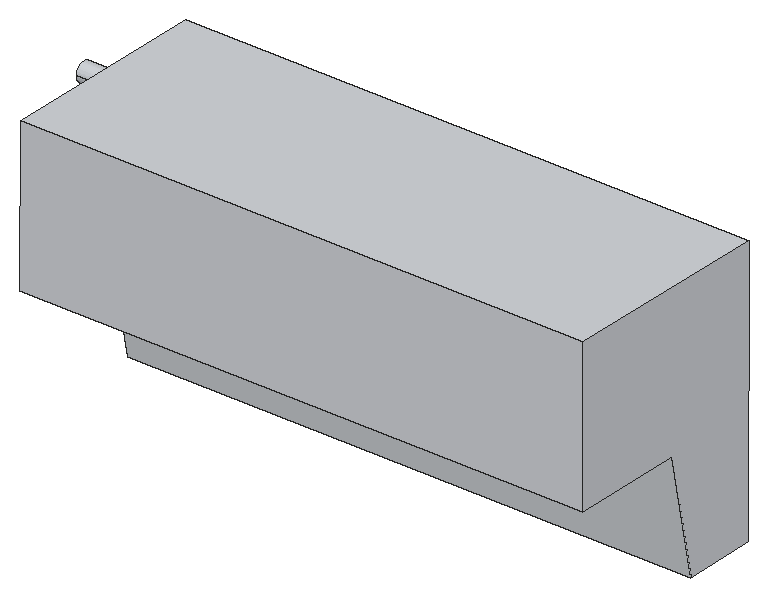
Revit family "M_Cortina de ar - Aquecida a vapor", category Equipamento mecânico, Revit 2019
Family settings
  Cota do conector redondo = Usar raio
  Tipo de parte = Normal
  Número OmniClass = 23.75.70.21.17
  Título OmniClass = Air Curtains
  ID de item do Seek = Air Curtain - Steam-Heated-0000-CAN-ENU
  Com base no plano de trabalho = Não
  Sempre na vertical = Sim
  Corte com vazios quando carregada = Não
  Compartilhado = Não
  Ponto de cálculo do ambiente = Não
Parameters (values of type "0-1255 LPS")
  Voltagem = 208 V
  Queda de pressão [instance] = 34500.0 Pa
  Raio da saída externa = 1.2 * Raio da saída  # 15 mm
  Raio da entrada externa = 1.2 * Raio da embocadura  # 15 mm
  Raio da saída = 0.5 * Diâmetro da saída  # 12.5 mm
  Diâmetro da saída = 25 mm
  Número de pólos = 3
  Classificação de carga = Aquecimento
  Raio da embocadura = 0.5 * Diâmetro da embocadura  # 12.5 mm
  Diâmetro da embocadura = 25 mm
  Fluxo [instance] = 0.69 L/s
  Carga aparente = 209 VA
  Material da cortina de ar = none
  Comprimento da cortina de ar = 900 mm
Types (4, lengths in mm): name | Raio da saída externa | Raio da entrada externa | Raio da saída | Diâmetro da saída | Raio da embocadura | Diâmetro da embocadura | Fluxo | Carga aparente | Comprimento da cortina de ar
  (no name) | 15 | 15 | 12.5 | 25 | 12.5 | 25 | 0.69 L/s | 209 VA | 900
  0-1255 LPS | 15 | 15 | 12.5 | 25 | 12.5 | 25 | 0.69 L/s | 209 VA | 900
  1256-2120 LPS | 30 | 30 | 25 | 50 | 25 | 50 | 0.95 L/s | 417 VA | 1200
  2121-2653 LPS | 30 | 30 | 25 | 50 | 25 | 50 | 1.2 L/s | 626 VA | 1500
Reference planes
  plane 1 "Centro (Frente/Trás)": y = 0
  plane 2: z = 0
  plane 3 "Centro (Esquerda/Direita)": x = 0
  plane 4: x = 900
  plane 5: x = -101.6
  plane 6: z = 431.8
  plane 7: y = 330.2
  plane 8: z = 188.913
  plane 9: y = 177.8
  plane 10: y = 214.312
  plane 11: y = 254
  plane 12: z = 101.6
  plane 13: z = 355.6
  plane 14: z = 265.113
  plane 15: y = 76.2
Forms (mm)
  Extrusion 1, solid, material <- "Material da cortina de ar"
    sketch origin (0, 0, 0) x (0, 1, 0) y (0, 0, 1)
      loop
        line (330.2, 431.8) -> (0, 431.8) -> (0, 188.913) -> (177.8, 188.913) -> (214.312, 0) -> (330.2, 0) -> (330.2, 431.8)
    from 0 to 900
  Extrusion 2, solid, material <- "Material da cortina de ar"
    sketch origin (0, 0, 0) x (0, 1, 0) y (0, 0, 1)
      loop
        circle (254, 355.6) r 15
    from -101.6 to 0
  Extrusion 3, solid, material <- "Material da cortina de ar"
    sketch origin (0, 0, 0) x (0, 1, 0) y (0, 0, 1)
      loop
        circle (254, 101.6) r 15
    from -101.6 to 0
  Extrusion 4, solid, material <- "Material da cortina de ar"
    sketch origin (0, 0, 0) x (0, 1, 0) y (0, 0, 1)
      loop
        circle (76.2, 265.113) r 19.05
    from 0 to 19.332
Cuts and joins
  joined: Extrusion 1, Extrusion 2, Extrusion 3, Extrusion 4
Lines and regions (mm)
  model lines
    curve 1: line (20.638, 0, 411.163) -> (879.363, 0, 411.163)
    curve 2: line (20.638, 0, 209.55) -> (20.638, 0, 411.163)
    curve 3: line (879.363, 0, 209.55) -> (20.638, 0, 209.55)
    curve 4: line (879.363, 0, 411.163) -> (879.363, 0, 209.55)
    curve 5: line (20.638, 0, 234.752) -> (879.363, 0, 234.752)
    curve 6: line (20.638, 0, 385.961) -> (879.363, 0, 385.961)
    curve 7: line (20.638, 0, 360.759) -> (879.363, 0, 360.759)
    curve 8: line (20.638, 0, 335.558) -> (879.363, 0, 335.558)
    curve 9: line (20.638, 0, 310.356) -> (879.363, 0, 310.356)
    curve 10: line (20.638, 0, 285.155) -> (879.363, 0, 285.155)
    curve 11: line (20.638, 0, 259.953) -> (879.363, 0, 259.953)
Dimensions and locks
  "Comprimento da cortina de ar": plane 3 "Centro (Esquerda/Direita)" to plane 4
  locked: plane 5 to plane 3 "Centro (Esquerda/Direita)" at 101.6
  locked: plane 2 to plane 6 at 431.8
  locked: plane 7 to plane 1 "Centro (Frente/Trás)" at 330.2
  locked: plane 6 to plane 8 at 242.888
  locked: plane 9 to plane 1 "Centro (Frente/Trás)" at 177.8
  locked: plane 7 to plane 10 at 115.887
  locked: plane 7 to plane 11 at 76.2
  locked: plane 2 to plane 12 at 101.6
  locked: plane 12 to plane 13 at 254
  locked: plane 14 to plane 8 at 76.2
  locked: plane 15 to plane 1 "Centro (Frente/Trás)" at 76.2
  locked: Extrusion 4 to Extrusion 4 at 19.332
  locked: curve 2 to plane 3 "Centro (Esquerda/Direita)" at 20.638
  locked: plane 6 to curve 1 at 20.637
  locked: curve 4 to plane 4 at 20.638
  locked: curve 3 to plane 8 at 20.638
  equal spacing: curve 1, curve 6, curve 7, curve 8, curve 9, curve 10, curve 11, curve 5, curve 3
  "Raio da entrada externa": radius of Extrusion 2 sketch curve
  "Raio da saída externa": radius of Extrusion 3 sketch curve
  radius of Extrusion 4 sketch curve = 19.05 mm
  aligned and locked: plane 2 to Extrusion 1 sketch curve
  aligned and locked: Extrusion 1 sketch curve to plane 7
  aligned and locked: plane 8 to Extrusion 1 sketch curve
  aligned and locked: plane 6 to Extrusion 1 sketch curve
  aligned and locked: Extrusion 1 sketch curve to plane 1 "Centro (Frente/Trás)"
  aligned and locked: plane 9 to Extrusion 1 sketch curve
  aligned and locked: Extrusion 1 to plane 4
  aligned and locked: Extrusion 1 to plane 3 "Centro (Esquerda/Direita)"
  aligned and locked: plane 13 to Extrusion 2 sketch curve
  aligned and locked: plane 11 to Extrusion 2 sketch curve
  aligned and locked: plane 11 to Extrusion 3 sketch curve
  aligned and locked: plane 12 to Extrusion 3 sketch curve
  aligned and locked: plane 14 to Extrusion 4 sketch curve
  aligned and locked: plane 15 to Extrusion 4 sketch curve
  aligned and locked: plane 5 to Extrusion 2
  aligned and locked: plane 3 "Centro (Esquerda/Direita)" to Extrusion 2
  aligned and locked: plane 5 to Extrusion 3
  aligned and locked: plane 3 "Centro (Esquerda/Direita)" to Extrusion 3
  aligned and locked: Extrusion 4 to plane 3 "Centro (Esquerda/Direita)"
Automatic sketch dimensions
  Extrusion 1 sketch curve to plane 10 = 0 mm
Connectors
  piping at (-101.6, 254, 101.6), diameter 25, driven by "Fluxo", driven by "Raio da embocadura"
    settings: on cut or joined group of Extrusion 1, Extrusion 2, Extrusion 3, Extrusion 4, index 1, connector inside diameter 25 mm, connector length 0 mm, flow factor 0, pipe flow 0.69 L/s, pressure drop 0.0 Pa, fitting loss kfactor 0, connector angle 0.00°, fixture units 0, engagement length 0 mm, angle of deflection 0.00°, flow configuration 1, flow direction 1, fitting loss method 4, system type 7, joint type 0, gender type 0, connector reference index 2, connector utility 0, adjustable connector no, is connector primary yes, connector description "Entrada de Vapor/Água"
  piping at (-101.6, 254, 355.6), diameter 25, driven by "Raio da saída", driven by "Fluxo", driven by "Queda de pressão"
    settings: on cut or joined group of Extrusion 1, Extrusion 2, Extrusion 3, Extrusion 4, index 2, connector inside diameter 25 mm, connector length 0 mm, flow factor 0, pipe flow 0.69 L/s, pressure drop 34500.0 Pa, fitting loss kfactor 0, connector angle 0.00°, fixture units 0, engagement length 0 mm, angle of deflection 0.00°, flow configuration 1, flow direction 2, fitting loss method 4, system type 22, joint type 0, gender type 0, connector reference index 1, connector utility 0, adjustable connector no, is connector primary no, connector description "Saída de Vapor/Água"
  electrical at (0, 76.2, 265.113), driven by "Carga aparente", driven by "Voltagem", driven by "Número de pólos", driven by "Classificação de carga"
    settings: on Extrusion 4, index 3, voltage 208 V, apparent load 209 VA, apparent load phase1 0 VA, apparent load phase2 0 VA, apparent load phase3 0 VA, power factor 0.8, load classification "Aquecimento", number of poles 3, system type 30, power factor state 1, is connector primary yes, connector utility no, sub classification motor no, connector description ""
